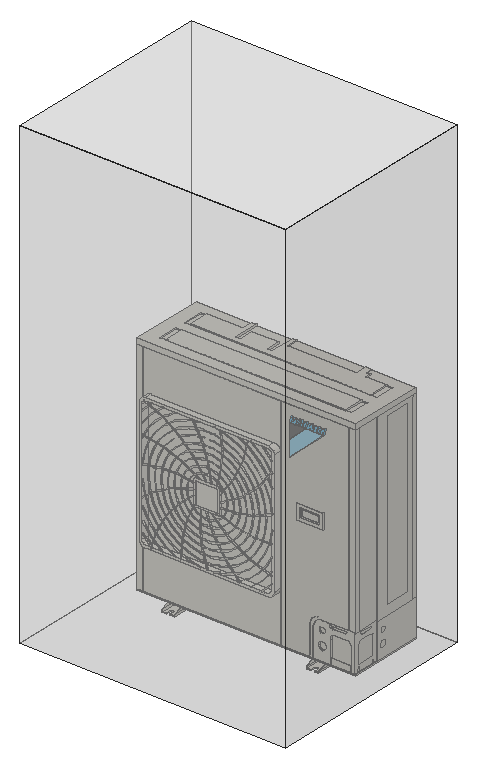
Revit family "outputfile", category 機械設備, Revit 2024 (continued)
Definition of nested family "DAIKIN_outdoorunit_RZFG-AY14"
  Definition of nested family "outdoorunit_leftpanel"
    Forms (mm)
      Extrusion 2, void
        sketch origin (0, 0, 0) x (1, 0, 0) y (0, 0, 1)
          loop
            line (100, 210.998) -> (1, 210.998) -> (1, 158.998) -> (100, 158.998) -> (100, 210.998)
          loop
            line (209, 210.998) -> (110, 210.998) -> (110, 158.998) -> (209, 158.998) -> (209, 210.998)
          loop
            line (100, 272.998) -> (1, 272.998) -> (1, 220.998) -> (100, 220.998) -> (100, 272.998)
          loop
            line (209, 272.998) -> (110, 272.998) -> (110, 220.998) -> (209, 220.998) -> (209, 272.998)
          loop
            line (110, 282.998) -> (209, 282.998) -> (209, 334.998) -> (110, 334.998) -> (110, 282.998)
          loop
            line (100, 334.998) -> (1, 334.998) -> (1, 282.998) -> (100, 282.998) -> (100, 334.998)
          loop
            line (100, 396.998) -> (1, 396.998) -> (1, 344.998) -> (100, 344.998) -> (100, 396.998)
          loop
            line (209, 396.998) -> (110, 396.998) -> (110, 344.998) -> (209, 344.998) -> (209, 396.998)
          loop
            line (110, 406.998) -> (209, 406.998) -> (209, 458.998) -> (110, 458.998) -> (110, 406.998)
          loop
            line (100, 458.998) -> (1, 458.998) -> (1, 406.998) -> (100, 406.998) -> (100, 458.998)
          loop
            line (100, 520.998) -> (1, 520.998) -> (1, 468.998) -> (100, 468.998) -> (100, 520.998)
          loop
            line (209, 520.998) -> (110, 520.998) -> (110, 468.998) -> (209, 468.998) -> (209, 520.998)
          loop
            line (100, 582.998) -> (1, 582.998) -> (1, 530.998) -> (100, 530.998) -> (100, 582.998)
          loop
            line (209, 582.998) -> (110, 582.998) -> (110, 530.998) -> (209, 530.998) -> (209, 582.998)
          loop
            line (110, 592.998) -> (209, 592.998) -> (209, 644.998) -> (110, 644.998) -> (110, 592.998)
          loop
            line (100, 644.998) -> (1, 644.998) -> (1, 592.998) -> (100, 592.998) -> (100, 644.998)
          loop
            line (100, 706.998) -> (1, 706.998) -> (1, 654.998) -> (100, 654.998) -> (100, 706.998)
          loop
            line (209, 706.998) -> (110, 706.998) -> (110, 654.998) -> (209, 654.998) -> (209, 706.998)
          loop
            line (100, 768.998) -> (1, 768.998) -> (1, 716.998) -> (100, 716.998) -> (100, 768.998)
          loop
            line (209, 768.998) -> (110, 768.998) -> (110, 716.998) -> (209, 716.998) -> (209, 768.998)
          loop
            line (110, 778.998) -> (209, 778.998) -> (209, 830.998) -> (110, 830.998) -> (110, 778.998)
          loop
            line (100, 830.998) -> (1, 830.998) -> (1, 778.998) -> (100, 778.998) -> (100, 830.998)
          loop
            line (100, 892.998) -> (1, 892.998) -> (1, 840.998) -> (100, 840.998) -> (100, 892.998)
          loop
            line (209, 892.998) -> (110, 892.998) -> (110, 840.998) -> (209, 840.998) -> (209, 892.998)
        from 7.5 to 4.5
      Extrusion 3, void
        sketch origin (140, 0, 0) x (1, 0, 0) y (0, 0, 1)
          loop
            line (117.6, 0) -> (117.6, 932.5)
            arc (117.6, 932.5) -> (116, 934.1) -> (114.4, 932.5) r 1.6
            line (114.4, 932.5) -> (114.4, 0) -> (117.6, 0)
        from 7.5 to 4.5
    Cuts and joins
      Extrusion 2, Extrusion 3 cuts Extrusion 1
    Dimensions and locks
      equal spacing: plane 4 "Back", plane 1 "Center (Front/Back)", plane 5 "Front"
      "depth": plane 4 "Back" to plane 5 "Front"
      "width": plane 7 "Left" to plane 6
      plane 8 to plane 5 "Front" = 3.0 mm
      plane 6 to plane 7 "Left" = 290.0 mm
      aligned and locked: level to plane 2 "Bottom"
      aligned and locked: plane 7 "Left" to Extrusion 1 sketch curve
      aligned and locked: Extrusion 1 sketch curve to plane 4 "Back"
      aligned and locked: plane 5 "Front" to Extrusion 1 sketch curve
      aligned and locked: plane 3 to plane 7 "Left"
      aligned and locked: plane 5 "Front" to Extrusion 2
      aligned and locked: plane 8 to Extrusion 2
      aligned and locked: plane 8 to Extrusion 3
      aligned and locked: cut or joined group of Extrusion 1, Extrusion 2, Extrusion 3 to plane 2 "Bottom"
      aligned and locked: plane 2 "Bottom" to Extrusion 3 sketch curve
    Automatic sketch dimensions
      Extrusion 1 sketch curve to plane 6 = 0.0 mm
      plane 3 to Extrusion 2 sketch curve = 21.0 mm  (x11)
      Extrusion 2 sketch curve to Extrusion 2 sketch curve = 0.0 mm  (x35)
      Extrusion 2 sketch curve to Extrusion 2 sketch curve = 99.0 mm  (x2)
      Extrusion 2 sketch curve to Extrusion 2 sketch curve = 10.0 mm  (x34)
      Extrusion 2 sketch curve to plane 6 = 61.0 mm  (x5)
      level to Extrusion 2 sketch curve = 34.998 mm  (x2)
      Extrusion 2 sketch curve to Extrusion 2 sketch curve = 52.0 mm  (x23)
      Extrusion 3 sketch curve to plane 6 = 15.6 mm
      Extrusion 3 sketch curve to Extrusion 3 sketch curve = 1.6 mm
      level to Extrusion 3 sketch curve = 932.5 mm
  Definition of nested family "outdoorunit_frontpanel3"
    Parameters (values of type "frontpanel1")
      width = 620.0 mm
      switch_unit1_140 = yes
      material [instance] = none
      height = 940.0 mm
      depth = 15.0 mm
      c = 83.15 mm
      b = 215.0 mm
      a = 43.0 mm
      Default Elevation = 0.0 mm
    Reference planes
      plane 1 "Center (Front/Back)": y = 0
      plane 2 "Bottom": z = 0
      plane 3: z = 940
      plane 4 "Center (Left/Right)": x = 0
      plane 5: x = -310
      plane 6: x = 310
      plane 7: z = 301
      plane 8: x = 52
      plane 9: x = 267
      plane 10: z = 339.15
      plane 11: z = 275.15
      plane 12: z = 211.15
      plane 13: z = 147.15
      plane 14: z = 83.15
      plane 15 "Front": y = -15
      plane 16: y = 0
      plane 17: z = 403.15
      plane 18: y = -12
    Forms (mm)
      Extrusion 1, solid, material <- "material", visible <- "switch_unit1_140"
        sketch origin (0, 107, 0) x (1, 0, 0) y (0, 0, 1)
          loop
            line (310, 940) -> (-310, 940) -> (-310, 0) -> (310, 0) -> (310, 940)
        from 107 to 122
      Extrusion 2, void
        sketch origin (0, 0, 0) x (1, 0, 0) y (0, 0, 1)
          loop
            line (-282.6, 932.5) -> (-282.6, 0) -> (-279.6, 0) -> (-279.6, 932.5)
            arc (-279.6, 932.5) -> (-281.1, 934) -> (-282.6, 932.5) r 1.5
        from 12 to 15
    Cuts and joins
      Extrusion 2 cuts Extrusion 1
    Dimensions and locks
      equal spacing: plane 5, plane 4 "Center (Left/Right)", plane 6
      "width": plane 6 to plane 5
      "height": plane 3 to plane 2 "Bottom"
      plane 8 to plane 4 "Center (Left/Right)" = 52.0 mm
      "b": plane 9 to plane 8
      "a": plane 6 to plane 9
      "depth": plane 16 to plane 15 "Front"
      "c": plane 14 to plane 2 "Bottom"
      locked: plane 18 to plane 15 "Front" at 3
      equal spacing: plane 17, plane 10, plane 11, plane 12, plane 13, plane 14
      locked: plane 17 to plane 14 at 320
      locked: Extrusion 2 sketch curve to Extrusion 2 sketch curve at 3
      locked: plane 5 to Extrusion 2 sketch curve at 27.4
      locked: plane 3 to Extrusion 2 sketch curve at 7.5
      aligned and locked: level to plane 2 "Bottom"
      aligned and locked: plane 18 to Extrusion 2
      aligned and locked: Extrusion 2 to plane 15 "Front"
    Automatic sketch dimensions
      Extrusion 1 sketch curve to level = 0.0 mm
      plane 5 to Extrusion 1 sketch curve = 0.0 mm
      Extrusion 1 sketch curve to plane 6 = 0.0 mm
      Extrusion 1 sketch curve to plane 3 = 0.0 mm
      Extrusion 2 sketch curve to level = 0.0 mm
  Definition of nested family "daikin_mountinghole"
    Parameters (values of type "daikin_mountinghole")
      Default Elevation = 1219.2 mm
      Type Comments = "mountinghole"
      show [instance] = yes
      material = none
      l_centerline = 100.0 mm
      l_antenna [instance] = 100.0 mm
      h_mountinghole [instance] = 0.0 mm
      d_circle = 30.0 mm
      Link_Nested Family [instance] = ""
    Reference planes
      plane 1 "Center (Front/Back)": y = 0
      plane 2: z = 0
      plane 3 "Center (Left/Right)": x = 0
      plane 4: y = 50
      plane 5: x = -50
      plane 6: x = 50
      plane 7: y = -50
      plane 8 "h_mountinghole": z = 0
      plane 9: z = 100
    Lines and regions (mm)
      model lines, detail levels fine
        curve 1: circle (0, 0, 0) r 15 normal (0, 0, 1)
        curve 2: line (-50, 0, 0) -> (50, 0, 0)
        curve 3: line (0, 50, 0) -> (0, -50, 0)
      symbolic lines, detail levels fine
        curve 4: circle (0, 0, 0) r 15 normal (0, 0, 1)
        curve 5: line (-50, 0, 0) -> (50, 0, 0)
        curve 6: line (0, 50, 0) -> (0, -50, 0)
      model lines
        curve 7: line (0, 0, 100) -> (0, 0, 0)
    Dimensions and locks
      equal spacing: plane 4, plane 1 "Center (Front/Back)", plane 7
      "l_centerline": plane 4 to plane 7
      equal spacing: plane 5, plane 3 "Center (Left/Right)", plane 6
      "l_centerline": plane 5 to plane 6
      "l_antenna": plane 9 to plane 8 "h_mountinghole"
      "h_mountinghole": plane 8 "h_mountinghole" to plane 2
      "d_circle": diameter of curve 1
      "d_circle": diameter of curve 4
      aligned and locked: level to plane 2
      aligned and locked: plane 1 "Center (Front/Back)" to curve 1
      aligned and locked: plane 3 "Center (Left/Right)" to curve 1
      aligned and locked: plane 1 "Center (Front/Back)" to curve 2
      aligned and locked: curve 3 to plane 3 "Center (Left/Right)"
      aligned and locked: plane 6 to curve 2
      aligned and locked: plane 5 to curve 2
      aligned and locked: plane 4 to curve 3
      aligned and locked: plane 7 to curve 3
      aligned and locked: plane 1 "Center (Front/Back)" to curve 4
      aligned and locked: plane 3 "Center (Left/Right)" to curve 4
      aligned and locked: plane 6 to curve 5
      aligned and locked: plane 5 to curve 5
      aligned and locked: plane 1 "Center (Front/Back)" to curve 5
      aligned and locked: plane 4 to curve 6
      aligned and locked: plane 7 to curve 6
      aligned and locked: curve 6 to plane 3 "Center (Left/Right)"
      aligned and locked: curve 7 to plane 3 "Center (Left/Right)"
      aligned and locked: plane 9 to curve 7
      aligned and locked: plane 8 "h_mountinghole" to curve 7
Definition of nested family "daikin_connector_rotate3"
  Parameters (values of type "daikin_connector_rotate3")
    show [instance] = yes
    radius [instance] = 10.0 mm
    length [instance] = 600.0 mm
    angle_horizontal [instance] = 60.00°
    angle_vertical [instance] = 90.00°
    Default Elevation = 0.0 mm
  Reference planes
    plane 1 "Center (Front/Back)": y = 0
    plane 2: z = 0
    plane 3 "Center (Left/Right)": x = 0
  Dimensions and locks
    "angle_horizontal": angle plane 3 "Center (Left/Right)" to nested 1
    aligned and locked: level to plane 2
    aligned and locked: plane 1 "Center (Front/Back)" to nested 1  (x2)
    aligned and locked: plane 3 "Center (Left/Right)" to nested 1
  Nested families
    nested 1: "daikin_connector_rotate2" at (0, 0, 0) x (0.5, 0.866, 0) z (0, 0, 1), angle_vertical <- "angle_vertical", length <- "length", radius <- "radius", type "daikin_connector_rotate2"
      with radius 10.0 mm, length 600.0 mm, angle_vertical 90.00°
  Definition of nested family "daikin_connector_rotate2"
    Parameters (values of type "daikin_connector_rotate2")
      show_face = yes
      radius [instance] = 10.0 mm
      length [instance] = 600.0 mm
      d_surface = 10.0 mm
      angle_vertical [instance] = 90.00°
      Default Elevation = 0.0 mm
    Reference planes
      plane 1 "Center (Front/Back)": y = 0
      plane 2: z = 0
      plane 3 "Center (Left/Right)": x = 0
    Forms (mm)
      Extrusion 1, solid, visible <- "show_face"
        sketch origin (0, -600, 0) x (1, 0, 0) y (0, 0, 1)
          loop
            circle (0, 0) r 10
        from 0 to -10
    Lines and regions (mm)
      reference lines
        curve 1: line (0, 0, 0) -> (0, -600, 0)
      symbolic lines
        curve 2: circle (0, 0, 0) r 5 normal (0, 0, 1)
      model lines, visible <- "show_face"
        curve 3: line (0, 0, 0) -> (0, -600, 0)
    Dimensions and locks
      "length": curve 1 to curve 1
      "length": curve 3 to curve 3
      "d_surface": Extrusion 1 to Extrusion 1
      "radius": radius of Extrusion 1 sketch curve
      "angle_vertical": angle curve 1 to plane 1 "Center (Front/Back)"
      "angle_vertical": angle curve 3 to plane 1 "Center (Front/Back)"
      aligned and locked: level to plane 2
      aligned and locked: plane 1 "Center (Front/Back)" to curve 1
      aligned and locked: plane 2 to curve 1
      aligned and locked: plane 1 "Center (Front/Back)" to curve 2
      aligned and locked: plane 3 "Center (Left/Right)" to curve 2
      aligned and locked: plane 1 "Center (Front/Back)" to curve 3
      aligned and locked: plane 2 to curve 3
      aligned and locked: Extrusion 1 to Extrusion 1
    Automatic sketch dimensions
      Extrusion 1 sketch curve to level = 0.0 mm
      Extrusion 1 sketch curve to plane 3 "Center (Left/Right)" = 0.0 mm
      radius of curve 2 = 5.0 mm
Definition of nested family "daikin_mountinghole"
  Parameters (values of type "daikin_mountinghole")
    Default Elevation = 1219.2 mm
    Type Comments = "mountinghole"
    show [instance] = yes
    material = none
    l_centerline = 100.0 mm
    l_antenna [instance] = 100.0 mm
    h_mountinghole [instance] = 0.0 mm
    d_circle = 30.0 mm
    Link_Nested Family [instance] = ""
  Reference planes
    plane 1 "Center (Front/Back)": y = 0
    plane 2: z = 0
    plane 3 "Center (Left/Right)": x = 0
    plane 4: y = 50
    plane 5: x = -50
    plane 6: x = 50
    plane 7: y = -50
    plane 8 "h_mountinghole": z = 0
    plane 9: z = 100
  Lines and regions (mm)
    model lines, detail levels fine
      curve 1: circle (0, 0, 0) r 15 normal (0, 0, 1)
      curve 2: line (-50, 0, 0) -> (50, 0, 0)
      curve 3: line (0, 50, 0) -> (0, -50, 0)
    symbolic lines, detail levels fine
      curve 4: circle (0, 0, 0) r 15 normal (0, 0, 1)
      curve 5: line (-50, 0, 0) -> (50, 0, 0)
      curve 6: line (0, 50, 0) -> (0, -50, 0)
    model lines
      curve 7: line (0, 0, 100) -> (0, 0, 0)
  Dimensions and locks
    equal spacing: plane 4, plane 1 "Center (Front/Back)", plane 7
    "l_centerline": plane 4 to plane 7
    equal spacing: plane 5, plane 3 "Center (Left/Right)", plane 6
    "l_centerline": plane 5 to plane 6
    "l_antenna": plane 9 to plane 8 "h_mountinghole"
    "h_mountinghole": plane 8 "h_mountinghole" to plane 2
    "d_circle": diameter of curve 1
    "d_circle": diameter of curve 4
    aligned and locked: level to plane 2
    aligned and locked: plane 1 "Center (Front/Back)" to curve 1
    aligned and locked: plane 3 "Center (Left/Right)" to curve 1
    aligned and locked: plane 1 "Center (Front/Back)" to curve 2
    aligned and locked: curve 3 to plane 3 "Center (Left/Right)"
    aligned and locked: plane 6 to curve 2
    aligned and locked: plane 5 to curve 2
    aligned and locked: plane 4 to curve 3
    aligned and locked: plane 7 to curve 3
    aligned and locked: plane 1 "Center (Front/Back)" to curve 4
    aligned and locked: plane 3 "Center (Left/Right)" to curve 4
    aligned and locked: plane 6 to curve 5
    aligned and locked: plane 5 to curve 5
    aligned and locked: plane 1 "Center (Front/Back)" to curve 5
    aligned and locked: plane 4 to curve 6
    aligned and locked: plane 7 to curve 6
    aligned and locked: curve 6 to plane 3 "Center (Left/Right)"
    aligned and locked: curve 7 to plane 3 "Center (Left/Right)"
    aligned and locked: plane 9 to curve 7
    aligned and locked: plane 8 "h_mountinghole" to curve 7
